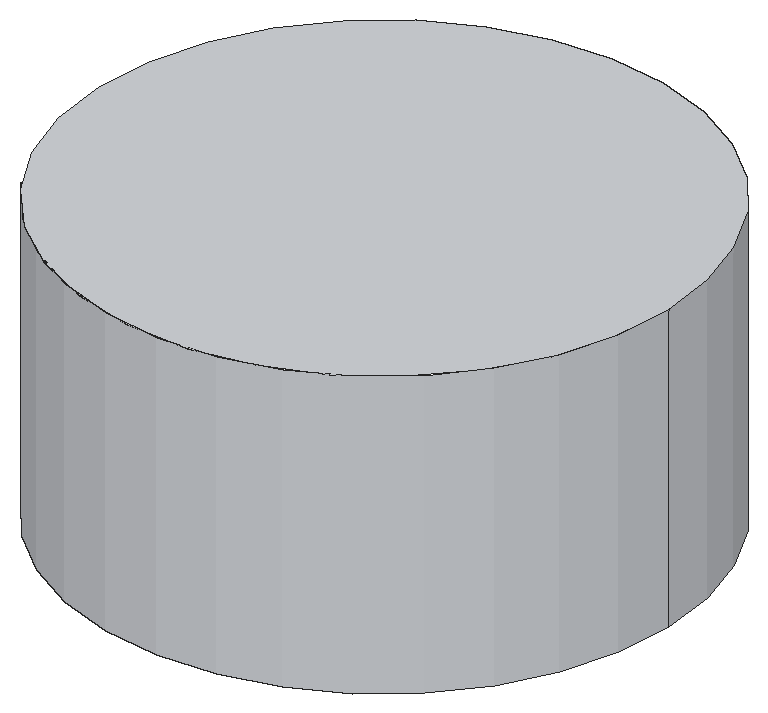
Revit family "ASF-4-C6", category Mechanical Equipment, Revit 2023
Family settings
  Round Connector Dimension = Use Diameter
  Classification = None
  Part Type = Normal
  OmniClass Number = 23.75.00.00
  OmniClass Title = Climate Control (HVAC)
  Work Plane-Based = No
  Always vertical = Yes
  Cut with Voids When Loaded = No
  Maintain Annotation Orientation = No
  Shared = No
  Room Calculation Point = No
Parameters (values of type "Standard")
  Default Elevation = 0' - 0"
  Connector_1_Diameter = 0' - 3 3/4"
Reference planes (in)
  plane 1 "Center (Front/Back)": y = 0
  plane 2: z = 0
  plane 3 "Center (Left/Right)": x = 0
Forms (in)
  Extrusion 1, solid
    sketch origin (0, 0, -13.73464) x (1, 0, 0) y (0, 1, 0)
      loop
        circle (0, 0) r 0.12
    from 0 to -0.12
Dimensions and locks (in)
  aligned and locked: plane 2 to level
Connectors (in)
  hvac at (0, 0, -13.73464), driven by "Connector_1_Diameter"
    settings: on Extrusion 1, index 1, duct flow 0 CFM, flow factor 0, pres drop 0.00 in-wg, loss coef 0, conn angle 0.00°, conn width 12", conn height 12", conn diameter 3 3/4", duct sys type 3, conn prof type 0, flow config 1, flow direction 1, loss method 0, conn ref index -1, conn util no, is conn primary yes, conn desc ""
